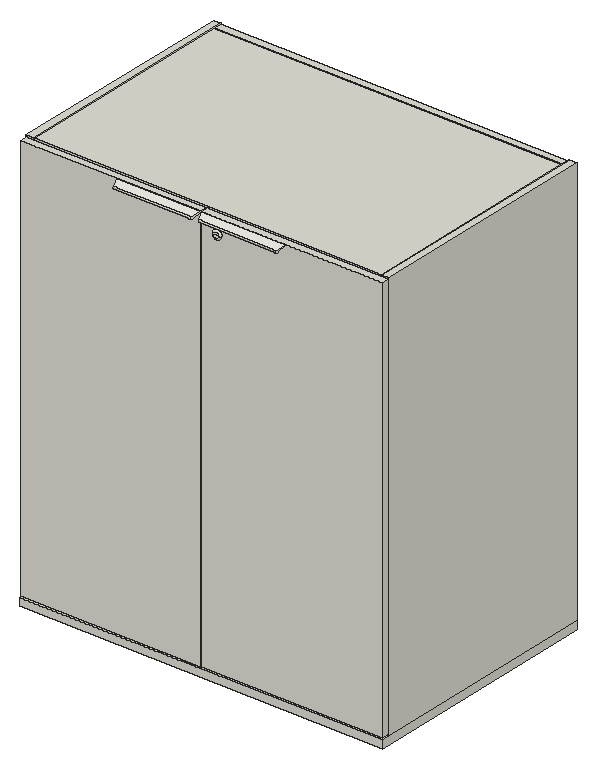
Revit family "Haworth_BeHold_Modular_AttachedStorage", category Furniture Systems, Revit 2018
Family settings
  Round Connector Dimension = Use Diameter
  Part Type = Normal
  OmniClass Number = 23.40.70.14.64.21
  OmniClass Title = Systems Furniture
  Work Plane-Based = No
  Always vertical = Yes
  Cut with Voids When Loaded = No
  Shared = No
  Room Calculation Point = No
Parameters (values of type "3H - Double Doors - Inset Back - 24d 36w")
  With Lock = yes
  With Leg = no
  Wing Pull Length = if(and(Double Doors, Actual Width < 36"), 6 1/2", 8 5/16")  # 8 5/16"
  Wing Pull = yes
  Width = 36"
  Warranty = "http://www.haworth.com/resources/product-info/warranties"
  URL - Product = "https://www.haworth.com/na/en/products/active-storage/be-hold.html"
  URL = "www.haworth.com"
  Two High = no
  Triple Unit Leg = no
  Trim Finish [instance] = Haworth _ Paint _ Smooth Plaster
  Top Thickness = 3/4"  # constant formula
  Top Case Front Control = if(Open, 2 1/4", 0")  # 0"
  Top Case Back Control = if(Proud Style, 0", 3/16")  # 3/16"
  Three High = not(or(One and One Half High, Two High))  # yes
  Sustainability Info = "https://www.haworth.com/company-info/sustainability"
  Standard Widths = if(Open, "18, 24, 30, 36 in.", if(Single Door, "18 in.", "24, 30, 36 in."))  # "24, 30, 36 in."
  Size = "Verify Final Dim. w/ Haworth"  # constant formula
  Single Unit Leg = not(or(Double Unit Leg, Triple Unit Leg))  # yes
  Single Door = no
  Side Case Front Control = if(Open, 0", Case Thickness)  # 3/4"
  Side Case Back Control = if(Proud Style, Case Thickness, 0")  # 0"
  Shelf 2 Offset = if(Three High, 25 13/16", Shelf 1 Offset)  # 25 13/16"
  Shelf 1 Offset = 12 149/256"  # constant formula
  Shelf 2 Control = Three High  # yes
  Right Door Control = not(Open)  # yes
  Revision Number = "1"  # constant formula
  Pull Finish [instance] = Haworth _ Paint _ Smooth Plaster
  Proud Style = not(Inset Style)  # no
  Open = no
  One and One Half High = no
  Normal Storage Height = if(One and One Half High, 22", if(Two High, 28", 42"))  # 42"
  No Pull = not(or(Cresent Pull, Linear Pull, Classic Pull, Wing Pull))  # no
  Model = "Haworth Be_Hold"  # constant formula
  Min. Width = if(Double Doors, 24", 18")  # 24"
  Min. Height = 22"  # constant formula
  Min. Depth = 16"  # constant formula
  Max. Width = if(Single Door, 18", 36")  # 36"
  Max. Depth = 24"  # constant formula
  Max. Height = 42"  # constant formula
  Manufacturer = "Haworth"  # constant formula
  Linear Pull Length = 7 33/256"  # constant formula
  Linear Pull = no
  Leg Height = 6"  # constant formula
  Leg Finish [instance] = Haworth _ Paint _ Sky Blue
  Inset Style = yes
  Glide Finish = Haworth _ Polymer _ Slate
  Glide Control = not(or(Actual Single Leg Control, [Actual D/T Leg Control]))  # yes
  Front Finish [instance] = Haworth _ Laminate _ Beige H-34
  Front Edge Finish [instance] = Haworth _ Laminate _ Beige H-34
  Left Door Control = Double Doors  # yes
  Double Unit Leg = no
  Door Width = if(Single Door, Actual Width - (1/16" * 2), (Actual Width - (1/16" * 2) - 1/8") / 2)  # 17 7/8"
  Door Height = Actual Height - Bottom Case Offset - Case Thickness - 21/128" - 1/8"  # 40 59/128"
  Double Doors = not(or(Open, Single Door))  # yes
  Description = "Haworth - Be_Hold - Attached Storage"  # constant formula
  Depth = 24"
  Custom Size = not(and(or(and(Single Door, Width = 18"), and(Double Doors, or(Width = 24", Width = 30", Width = 36")), and(Open, or(Width = 18", Width = 24", Width = 30", Width = 36"))), or(Depth = 24", Depth = 36")))  # no
  Cresent Pull = no
  Classic Pull Length = 8"  # constant formula
  Classic Pull = no
  Case Thickness = 3/4"  # constant formula
  Case Finish [instance] = Haworth _ Laminate _ Beige H-34
  Case Edge Finish [instance] = Haworth _ Laminate _ Beige H-34
  Bottom Case Offset = if(or(Actual Single Leg Control, [Actual D/T Leg Control]), 6", 1/2")  # 1/2"
  Back Case Side Control = if(Proud Style, 0", Case Thickness)  # 3/4"
  Back Case Back Control = if(Proud Style, 0", 3/16")  # 3/16"
  Author = "Haworth (Alias)"  # constant formula
  Assembly Code = "E2020200"
  Actual Width = if(Width > Max. Width, Max. Width, if(Width < Min. Width, Min. Width, Width))  # 36"
  Actual Single Leg Control = and(With Leg, Single Unit Leg, or(One and One Half High, Two High))  # no
  Actual Height = if(or(Actual Single Leg Control, [Actual D/T Leg Control]), Normal Storage Height + Leg Height, Normal Storage Height)  # 42"
  Actual Depth = if(Depth > Max. Depth, Max. Depth, if(Depth < Min. Depth, Min. Depth, Depth))  # 24"
  Standard Depths = "16, 24 in."  # constant formula
  Actual D/T Leg Control = and(With Leg, or(Double Unit Leg, Triple Unit Leg), or(One and One Half High, Two High))  # no
  16d Leg = Actual Depth = 16"  # no
Types (8): name | With Leg | Width | Two High | Top Case Front Control | Top Case Back Control | Three High | Standard Widths | Single Door | Side Case Front Control | Side Case Back Control | Shelf 2 Offset | Shelf 2 Control | Right Door Control | Proud Style | Open | One and One Half High | Normal Storage Height | Min. Width | Max. Width | Inset Style | Glide Control | Left Door Control | Door Height | Double Doors | Bottom Case Offset | Back Case Side Control | Back Case Back Control | Actual Width | Actual Single Leg Control | Actual Height
  2H - Double Doors - Proud Back - 24d 36w | no | 36" | yes | 0" | 0" | no | "24, 30, 36 in." | no | 3/4" | 3/4" | 12 149/256" | no | yes | yes | no | no | 28" | 24" | 36" | no | yes | yes | 26 59/128" | yes | 1/2" | 0" | 0" | 36" | no | 28"
  3H - Double Doors - Inset Back - 24d 36w | no | 36" | no | 0" | 3/16" | yes | "24, 30, 36 in." | no | 3/4" | 0" | 25 13/16" | yes | yes | no | no | no | 42" | 24" | 36" | yes | yes | yes | 40 59/128" | yes | 1/2" | 3/4" | 3/16" | 36" | no | 42"
  2H - Single Door - Proud Back - 24d 18w | no | 18" | yes | 0" | 0" | no | "18 in." | yes | 3/4" | 3/4" | 12 149/256" | no | yes | yes | no | no | 28" | 18" | 18" | no | yes | no | 26 59/128" | no | 1/2" | 0" | 0" | 18" | no | 28"
  3H - Single Door - Inset Back - 24d 18w | no | 18" | no | 0" | 3/16" | yes | "18 in." | yes | 3/4" | 0" | 25 13/16" | yes | yes | no | no | no | 42" | 18" | 18" | yes | yes | no | 40 59/128" | no | 1/2" | 3/4" | 3/16" | 18" | no | 42"
  2H - Open - Proud Back - 24d 36w | no | 36" | yes | 2 1/4" | 0" | no | "18, 24, 30, 36 in." | no | 0" | 3/4" | 12 149/256" | no | no | yes | yes | no | 28" | 18" | 36" | no | yes | no | 26 59/128" | no | 1/2" | 0" | 0" | 36" | no | 28"
  1.5H - Open - Inset Back - 24d 36w | no | 36" | no | 2 1/4" | 3/16" | no | "18, 24, 30, 36 in." | no | 0" | 0" | 12 149/256" | no | no | no | yes | yes | 22" | 18" | 36" | yes | yes | no | 20 59/128" | no | 1/2" | 3/4" | 3/16" | 36" | no | 22"
  1.5H - Open - Inset Back - 24d 36w - With Leg | yes | 36" | no | 2 1/4" | 3/16" | no | "18, 24, 30, 36 in." | no | 0" | 0" | 12 149/256" | no | no | no | yes | yes | 22" | 18" | 36" | yes | no | no | 20 123/128" | no | 6" | 3/4" | 3/16" | 36" | yes | 28"
  2H - Double Doors - Proud Back - 24d 36w - With Leg | yes | 36" | yes | 0" | 0" | no | "24, 30, 36 in." | no | 3/4" | 3/4" | 12 149/256" | no | yes | yes | no | no | 28" | 24" | 36" | no | no | yes | 26 123/128" | yes | 6" | 0" | 0" | 36" | yes | 34"
Reference planes (in)
  plane 1: z = 0
  plane 2 "Center L/R": x = -6.17556
  plane 3 "Center F/B": y = -11.5
  plane 4 "Top": z = 42
  plane 5 "Back": y = 0.5
  plane 6 "Front": y = -23.5
  plane 7 "Right": x = 11.82444
  plane 8 "Left": x = -24.17556
  plane 9 "Case Inside Left": x = -23.42556
  plane 10 "Case Inside Right": x = 11.07444
  plane 11 "Case Inside Back": y = -0.25
  plane 12 "Case Bottom": z = 0.5
  plane 13 "Case Inside Front": y = -22.75
  plane 14 "Inside Case Bottom": z = 1.25
  plane 15 "Inside Case Top": z = 41.25
  plane 16 "Shelf 1 Below": z = 13.83203
  plane 17 "Shelf 1 Top": z = 14.58203
  plane 18 "Door Start": z = 1.41406
  plane 19 "Right Door": x = 11.76194
  plane 20 "Left Door": x = -24.11306
  plane 21 "Shelf 2 Below": z = 27.0625
  plane 22 "Shelf 2 Top": z = 27.8125
Forms (in)
  Sweep 1, solid, material "Haworth _ Polymer _ Slate" <- "Glide Finish", visible <- "Glide Control"
    path origin (-23.42556, 0, 0) x (0, 1, 0) y (0, 0, 1)
      loop
        line (-22.75, 0.5) -> (-22.75, 0)
    profile origin (-23.42556, -22.75, 0.25) x (1, 0, 0) y (0, 1, 0)
      loop
        line (0, 2.00197) -> (0, 0.25)
        arc (0, 0.25) -> (0.07322, 0.07322) -> (0.25, 0) r 0.25
        line (0.25, 0) -> (2.00197, 0)
        arc (2.00197, 0) -> (2.17875, 0.07322) -> (2.25197, 0.25) r 0.25
        line (2.25197, 0.25) -> (2.25197, 0.70079) -> (0.70079, 2.25197) -> (0.25, 2.25197)
        arc (0.25, 2.25197) -> (0.07322, 2.17875) -> (0, 2.00197) r 0.25
  Sweep 2, solid, material "Haworth _ Polymer _ Slate" <- "Glide Finish", visible <- "Glide Control"
    path origin (-23.42556, -23, 0) x (0, -1, 0) y (0, 0, 1)
      loop
        line (-22.75, 0.5) -> (-22.75, 0)
    profile origin (-23.42556, -0.25, 0.25) x (1, 0, 0) y (0, 1, 0)
      loop
        arc (0, -2.00197) -> (0.07322, -2.17875) -> (0.25, -2.25197) r 0.25
        line (0.25, -2.25197) -> (0.70079, -2.25197) -> (2.25197, -0.70079) -> (2.25197, -0.25)
        arc (2.25197, -0.25) -> (2.17875, -0.07322) -> (2.00197, 0) r 0.25
        line (2.00197, 0) -> (0.25, 0)
        arc (0.25, 0) -> (0.07322, -0.07322) -> (0, -0.25) r 0.25
        line (0, -0.25) -> (0, -2.00197)
  Sweep 3, solid, material "Haworth _ Polymer _ Slate" <- "Glide Finish", visible <- "Glide Control"
    path origin (11.07444, 0, 0) x (0, -1, 0) y (0, 0, 1)
      loop
        line (22.75, 0.5) -> (22.75, 0)
    profile origin (11.07444, -22.75, 0.25) x (-1, 0, 0) y (0, -1, 0)
      loop
        arc (0, -2.00197) -> (0.07322, -2.17875) -> (0.25, -2.25197) r 0.25
        line (0.25, -2.25197) -> (0.70079, -2.25197) -> (2.25197, -0.70079) -> (2.25197, -0.25)
        arc (2.25197, -0.25) -> (2.17875, -0.07322) -> (2.00197, 0) r 0.25
        line (2.00197, 0) -> (0.25, 0)
        arc (0.25, 0) -> (0.07322, -0.07322) -> (0, -0.25) r 0.25
        line (0, -0.25) -> (0, -2.00197)
  Sweep 4, solid, material "Haworth _ Polymer _ Slate" <- "Glide Finish", visible <- "Glide Control"
    path origin (11.07444, 0, 0) x (0, -1, 0) y (0, 0, 1)
      loop
        line (0.25, 0.5) -> (0.25, 0)
    profile origin (11.07444, -0.25, 0.25) x (-1, 0, 0) y (0, -1, 0)
      loop
        line (0, 2.00197) -> (0, 0.25)
        arc (0, 0.25) -> (0.07322, 0.07322) -> (0.25, 0) r 0.25
        line (0.25, 0) -> (2.00197, 0)
        arc (2.00197, 0) -> (2.17875, 0.07322) -> (2.25197, 0.25) r 0.25
        line (2.25197, 0.25) -> (2.25197, 0.70079) -> (0.70079, 2.25197) -> (0.25, 2.25197)
        arc (0.25, 2.25197) -> (0.07322, 2.17875) -> (0, 2.00197) r 0.25
  Extrusion 5, solid, material "Haworth _ Laminate _ Beige H-34" <- "Case Finish"
    sketch origin (0, 0, 0) x (1, 0, 0) y (0, 1, 0)
      loop
        line (-24.17556, 0.5) -> (-24.17556, -23.5) -> (11.82444, -23.5) -> (11.82444, 0.5) -> (-24.17556, 0.5)
    from 0.5 to 1.25
  Sweep 6, solid, material "Haworth _ Laminate _ Beige H-34" <- "Case Finish"
    path origin (0, 0, 0.5) x (0, -1, 0) y (1, 0, 0)
      loop
        line (23.5, -24.17556) -> (23.5, -23.42556)
    profile origin (-23.80056, -23.5, 0.5) x (0, 1, 0) y (0, 0, 1)
      loop
        line (0.75, 41.5) -> (0.75, 0.75) -> (24, 0.75) -> (24, 41.5) -> (0.75, 41.5)
  Sweep 7, solid, material "Haworth _ Laminate _ Beige H-34" <- "Case Finish"
    path origin (-12.35111, 0, 0.5) x (0, -1, 0) y (-1, 0, 0)
      loop
        line (23.5, -24.17556) -> (23.5, -23.42556)
    profile origin (11.44944, -23.5, 0.5) x (0, -1, 0) y (0, 0, 1)
      loop
        line (-0.75, 41.5) -> (-24, 41.5) -> (-24, 0.75) -> (-0.75, 0.75) -> (-0.75, 41.5)
  Sweep 8, solid, material "Haworth _ Laminate _ Beige H-34" <- "Case Finish"
    path origin (0, 0, 0.5) x (0, -1, 0) y (1, 0, 0)
      loop
        line (0.4375, -6.17556) -> (-0.3125, -6.17556)
    profile origin (-6.17556, -0.0625, 0.5) x (-1, 0, 0) y (0, 0, 1)
      loop
        line (-17.25, 0.75) -> (17.25, 0.75) -> (17.25, 41.5) -> (-17.25, 41.5) -> (-17.25, 0.75)
  Extrusion 9, solid, material "Haworth _ Laminate _ Beige H-34" <- "Case Finish"
    sketch origin (0, 0, 0.5) x (0, -1, 0) y (1, 0, 0)
      loop
        line (0.25, -23.42556) -> (22.75, -23.42556) -> (22.75, 11.07444) -> (0.25, 11.07444) -> (0.25, -23.42556)
    from 13.33203 to 14.08203
  Extrusion 10, solid, material "Haworth _ Laminate _ Beige H-34" <- "Case Finish"
    sketch origin (0, 0, 0.5) x (0, -1, 0) y (1, 0, 0)
      loop
        line (0.4375, -23.42556) -> (22.75, -23.42556) -> (22.75, 11.07444) -> (0.4375, 11.07444) -> (0.4375, -23.42556)
    from 40.75 to 41.5
  Extrusion 11, solid, material "Haworth _ Laminate _ Beige H-34" <- "Case Finish", visible <- "Shelf 2 Control"
    sketch origin (0, 0, 0.5) x (0, -1, 0) y (1, 0, 0)
      loop
        line (0.25, -23.42556) -> (22.75, -23.42556) -> (22.75, 11.07444) -> (0.25, 11.07444) -> (0.25, -23.42556)
    from 26.5625 to 27.3125
Lines and regions (in)
  Masking region 1
    outline origin (0, 0, 41.25) x (0, -1, 0) y (1, 0, 0)
      loop
        line (-0.5, -24.17556) -> (23.5, -24.17556) -> (23.5, 11.82444) -> (-0.5, 11.82444) -> (-0.5, -24.17556)
  symbolic lines, style "Haworth", detail levels medium+fine
    curve 1: line (-24.17556, -22.75, 41.25) -> (11.82444, -22.75, 41.25)
Dimensions and locks (in)
  equal spacing: plane 8 "Left", plane 2 "Center L/R", plane 7 "Right"
  "Actual Width": plane 8 "Left" to plane 7 "Right"
  equal spacing: plane 5 "Back", plane 3 "Center F/B", plane 6 "Front"
  "Actual Depth": plane 5 "Back" to plane 6 "Front"
  "Case Thickness": plane 9 "Case Inside Left" to plane 8 "Left"
  "Case Thickness": plane 10 "Case Inside Right" to plane 7 "Right"
  "Bottom Case Offset": plane 12 "Case Bottom" to plane 1
  "Case Thickness": plane 11 "Case Inside Back" to plane 5 "Back"
  "Case Thickness": plane 6 "Front" to plane 13 "Case Inside Front"
  locked: Sweep 1 sketch curve to plane 12 "Case Bottom" at 0.5
  locked: Sweep 2 sketch curve to plane 12 "Case Bottom" at 0.5
  locked: Sweep 4 sketch curve to plane 12 "Case Bottom" at 0.5
  locked: Sweep 3 sketch curve to plane 12 "Case Bottom" at 0.5
  "Case Thickness": plane 14 "Inside Case Bottom" to plane 12 "Case Bottom"
  "Top Thickness": plane 4 "Top" to plane 15 "Inside Case Top"
  "Side Case Back Control": Sweep 6 sketch curve to plane 5 "Back"
  "Side Case Front Control": plane 6 "Front" to Sweep 6 sketch curve
  "Side Case Front Control": plane 6 "Front" to Sweep 7 sketch curve
  "Side Case Back Control": Sweep 7 sketch curve to plane 5 "Back"
  "Back Case Side Control": Sweep 8 sketch curve to plane 7 "Right"
  "Back Case Side Control": Sweep 8 sketch curve to plane 8 "Left"
  locked: plane 18 "Door Start" to plane 14 "Inside Case Bottom" at 0.16406
  "Top Case Front Control": Extrusion 10 sketch curve to plane 13 "Case Inside Front"
  "Top Case Front Control": plane 13 "Case Inside Front" to curve 1
  locked: plane 19 "Right Door" to plane 7 "Right" at 0.0625
  locked: plane 20 "Left Door" to plane 8 "Left" at 0.0625
  "Actual Height": plane 4 "Top" to plane 1
  "Case Thickness": plane 22 "Shelf 2 Top" to plane 21 "Shelf 2 Below"
  "Case Thickness": plane 17 "Shelf 1 Top" to plane 16 "Shelf 1 Below"
  "Shelf 1 Offset": plane 14 "Inside Case Bottom" to plane 16 "Shelf 1 Below"
  "Shelf 2 Offset": plane 21 "Shelf 2 Below" to plane 14 "Inside Case Bottom"
  "Case Thickness": Sweep 8 sketch curve to Sweep 8 sketch curve
  "Back Case Back Control": plane 5 "Back" to Sweep 8 sketch curve
  "Top Case Back Control": Extrusion 10 sketch curve to plane 11 "Case Inside Back"
  aligned and locked: Sweep 1 sketch curve to plane 13 "Case Inside Front"
  aligned and locked: plane 12 "Case Bottom" to Sweep 1 sketch curve
  aligned and locked: plane 11 "Case Inside Back" to Sweep 2 sketch curve
  aligned and locked: plane 12 "Case Bottom" to Sweep 2 sketch curve
  aligned and locked: plane 11 "Case Inside Back" to Sweep 4 sketch curve
  aligned and locked: plane 12 "Case Bottom" to Sweep 4 sketch curve
  aligned and locked: Sweep 3 sketch curve to plane 13 "Case Inside Front"
  aligned and locked: plane 12 "Case Bottom" to Sweep 3 sketch curve
  aligned and locked: Extrusion 5 sketch curve to plane 7 "Right"
  aligned and locked: Extrusion 5 sketch curve to plane 5 "Back"
  aligned and locked: plane 8 "Left" to Extrusion 5 sketch curve
  aligned and locked: plane 6 "Front" to Extrusion 5 sketch curve
  aligned and locked: plane 12 "Case Bottom" to Extrusion 5
  aligned and locked: plane 14 "Inside Case Bottom" to Extrusion 5
  aligned and locked: plane 8 "Left" to Sweep 6 sketch curve
  aligned and locked: plane 9 "Case Inside Left" to Sweep 6 sketch curve
  aligned and locked: Sweep 6 sketch curve to plane 6 "Front"
  aligned and locked: Sweep 6 sketch curve to plane 4 "Top"
  aligned and locked: plane 14 "Inside Case Bottom" to Sweep 6 sketch curve
  aligned and locked: plane 6 "Front" to Sweep 7 sketch curve
  aligned and locked: plane 7 "Right" to Sweep 7 sketch curve
  aligned and locked: plane 10 "Case Inside Right" to Sweep 7 sketch curve
  aligned and locked: plane 14 "Inside Case Bottom" to Sweep 7 sketch curve
  aligned and locked: Sweep 7 sketch curve to plane 4 "Top"
  aligned and locked: plane 2 "Center L/R" to Sweep 8 sketch curve
  aligned and locked: plane 4 "Top" to Sweep 8 sketch curve
  aligned and locked: Sweep 8 sketch curve to plane 14 "Inside Case Bottom"
  aligned and locked: plane 10 "Case Inside Right" to Extrusion 9 sketch curve
  aligned and locked: plane 9 "Case Inside Left" to Extrusion 9 sketch curve
  aligned and locked: plane 11 "Case Inside Back" to Extrusion 9 sketch curve
  aligned and locked: plane 16 "Shelf 1 Below" to Extrusion 9
  aligned and locked: plane 10 "Case Inside Right" to Extrusion 10 sketch curve
  aligned and locked: plane 9 "Case Inside Left" to Extrusion 10 sketch curve
  aligned and locked: plane 4 "Top" to Extrusion 10
  aligned and locked: plane 15 "Inside Case Top" to Extrusion 10
  aligned and locked: Masking region 1 sketch curve to plane 7 "Right"
  aligned and locked: Masking region 1 sketch curve to plane 5 "Back"
  aligned and locked: plane 8 "Left" to Masking region 1 sketch curve
  aligned and locked: plane 6 "Front" to Masking region 1 sketch curve
  aligned and locked: plane 17 "Shelf 1 Top" to Extrusion 9
  aligned and locked: plane 6 "Front" to nested 1
  aligned and locked: nested 2 to plane 6 "Front"
  aligned and locked: plane 18 "Door Start" to nested 1
  aligned and locked: nested 2 to plane 18 "Door Start"
  aligned and locked: plane 13 "Case Inside Front" to Extrusion 9 sketch curve
  aligned and locked: nested 1 to plane 19 "Right Door"
  aligned and locked: nested 2 to plane 20 "Left Door"
  aligned and locked: plane 11 "Case Inside Back" to Extrusion 11 sketch curve
  aligned and locked: plane 9 "Case Inside Left" to Extrusion 11 sketch curve
  aligned and locked: plane 10 "Case Inside Right" to Extrusion 11 sketch curve
  aligned and locked: plane 13 "Case Inside Front" to Extrusion 11 sketch curve
  aligned and locked: plane 22 "Shelf 2 Top" to Extrusion 11
  aligned and locked: Extrusion 11 to plane 21 "Shelf 2 Below"
  aligned and locked: nested 3 to plane 12 "Case Bottom"
  aligned and locked: plane 3 "Center F/B" to nested 3
  aligned and locked: plane 2 "Center L/R" to nested 3
Automatic sketch dimensions
  Sweep 1 sketch curve to plane 9 "Case Inside Left" = 0"
  profile plane to Sweep 1 sketch curve = 0"
  Sweep 1 sketch curve to Sweep 1 sketch curve = 1/4"  (x2)
  Sweep 1 sketch curve to Sweep 1 sketch curve = 0.45079"  (x2)
  Sweep 1 sketch curve to profile plane = 1/4"
  Sweep 1 sketch curve to Sweep 1 sketch curve = 1.75197"  (x2)
  Sweep 2 sketch curve to plane 9 "Case Inside Left" = 0"
  profile plane to Sweep 2 sketch curve = 0"
  Sweep 2 sketch curve to Sweep 2 sketch curve = 1/4"  (x2)
  Sweep 2 sketch curve to Sweep 2 sketch curve = 0.45079"  (x2)
  profile plane to Sweep 2 sketch curve = 1/4"
  Sweep 2 sketch curve to Sweep 2 sketch curve = 1.75197"  (x2)
  Sweep 3 sketch curve to plane 10 "Case Inside Right" = 0"
  Sweep 3 sketch curve to profile plane = 0"
  Sweep 3 sketch curve to Sweep 3 sketch curve = 1/4"  (x2)
  Sweep 3 sketch curve to Sweep 3 sketch curve = 0.45079"  (x2)
  profile plane to Sweep 3 sketch curve = 1/4"
  Sweep 3 sketch curve to Sweep 3 sketch curve = 1.75197"  (x2)
  Sweep 4 sketch curve to plane 10 "Case Inside Right" = 0"
  Sweep 4 sketch curve to profile plane = 0"
  plane 10 "Case Inside Right" to Sweep 4 sketch curve = 1/4"  (x2)
  Sweep 4 sketch curve to Sweep 4 sketch curve = 0.45079"  (x2)
  Sweep 4 sketch curve to profile plane = 1/4"
  Sweep 4 sketch curve to Sweep 4 sketch curve = 1.75197"  (x2)
  curve 1 to plane 8 "Left" = 0"
  curve 1 to plane 7 "Right" = 0"
Nested families (in)
  nested 1: "Haworth_BeHold_Door_Swing_PART" at (1.64424, -23.09476, 1.41406), With Lock <- "With Lock", visible <- "Right Door Control", type "Door"
    with With Lock yes, Wing Pull Length 8 5/16", Wing Pull Act yes, Wing Pull yes, Linear Pull Length 7 33/256", Linear Pull Act no, Linear Pull no, Pull Offset Centerline 4 5/32", Pull Height Centerline 40 59/128", Door Width 17 7/8", Door Height 40 59/128"
  nested 2: "Haworth_BeHold_Door_Swing_PART" at (-13.99535, -23.09476, 1.41406) x (-1, 0, 0) z (0, 0, 1), visible <- "Left Door Control", type "Door"
    with With Lock no, Wing Pull Length 8 5/16", Wing Pull Act yes, Wing Pull yes, Linear Pull Length 7 33/256", Linear Pull Act no, Linear Pull no, Pull Offset Centerline 4 5/32", Pull Height Centerline 40 59/128", Door Width 17 7/8", Door Height 40 59/128"
  nested 3: "Haworth_BeHold_Leg_Single_PART" at (0, 0, -5.5), Trim Finish <- "Leg Finish", visible <- "Actual Single Leg Control", type "Leg"
    with Trim Finish Haworth _ Paint _ Sky Blue, Width 36", Actual Width 30"
Definition of nested family "Haworth_BeHold_Door_Swing_PART"
  Parameters (values of type "Door")
    With Lock [instance] = yes
    Wing Pull Length = 8.31"
    Wing Pull Act = and(Wing Pull, not(Touch Latch))  # no
    Wing Pull = no
    Warranty = "https://www.haworth.com/resources/product-info/warranties"
    URL - Product = ""
    URL = "www.haworth.com"
    Trim Finish = none
    Touch Latch = no
    Revision Number = "1"  # constant formula
    Pull Finish = none
    Note = "Verify Final Dim. w/ Haworth"  # constant formula
    Model = "Haworth Be_Hold"  # constant formula
    Lock Top Offset = 1.495"  # constant formula
    Lock Side Offset = 2.195"  # constant formula
    Linear Pull Length = 7.13"
    Linear Pull Act = and(Linear Pull, not(Touch Latch))  # yes
    Linear Pull = yes
    Front Finish = none
    Front Edge Finish = none
    Description = "Haworth - Be_Hold - Door Part"
    Crescent Pull Act = and(Crescent Pull, not(Touch Latch))  # no
    Crescent Pull = no
    Classic Pull Length = 8"
    Classic Pull = no
    Classic Pull Act = and(Classic Pull, not(Touch Latch))  # no
    Assembly Code = ""
    Pull Offset Centerline = if(Wing Pull Act, Wing Pull Length / 2, 1 1/2")  # 1 1/2"
    Pull Height Centerline = if(Wing Pull Act, Door Height, Door Height / 2)  # 9.88"
    Door Width = 17.85"
    Door Height = 19.76"
    Door Depth = 3/4"
    Manufacturer = "Haworth"  # constant formula
    Author = "Haworth (Alias)"  # constant formula
  Reference planes (in)
    plane 1 "Center F/B": y = -0.03024
    plane 2: z = 0
    plane 3 "Center L/R": x = 1.1802
    plane 4 "Left": x = -7.7448
    plane 5 "Right": x = 10.1052
    plane 6 "Back": y = 0.34476
    plane 7 "Front": y = -0.40524
    plane 8 "Top": z = 19.76
    plane 9 "Pull Offset": x = -6.2448
    plane 10 "Pull Height": z = 9.88
    plane 11 "Lock Vertical": x = -6.2498
    plane 12 "Lock Horizontal": z = 18.265
    plane 13: y = -3.40524
  Forms (in)
    Extrusion 1, solid, material <- "Front Finish"
      sketch origin (0, -0.03024, 0) x (1, 0, 0) y (0, 0, 1)
        loop
          line (-7.7448, 19.76) -> (-7.7448, 0) -> (10.1052, 0) -> (10.1052, 19.76) -> (-7.7448, 19.76)
      from -0.375 to 0.375
    Revolve 2, solid, material <- "Trim Finish", visible <- "With Lock"
      sketch origin (0, 0, 18.265) x (0, -1, 0) y (1, 0, 0)
        loop
          line (0.40524, -6.2498) -> (0.53025, -6.2498) -> (0.53025, -5.93733)
          arc (0.53025, -5.93733) -> (0.49364, -5.84891) -> (0.40524, -5.81227) r 0.12506
          line (0.40524, -5.81227) -> (0.40524, -6.2498)
        axis (0.40524, -6.2498) -> (0.53025, -6.2498)
      angle from 0 to 360
  Lines and regions (in)
    Masking region 1
      outline origin (0, 0, 0) x (1, 0, 0) y (0, 1, 0)
        loop
          line (-7.7448, 0.34476) -> (-7.7448, -0.40524) -> (10.1052, -0.40524) -> (10.1052, 0.34476) -> (-7.7448, 0.34476)
    symbolic lines, detail levels fine
      curve 1: line (-7.7448, -0.40524, 19.76) -> (10.1052, -0.40524, 9.88)
      curve 2: line (10.1052, -0.40524, 9.88) -> (-7.7448, -0.40524, 0)
    symbolic lines, not visible, detail levels fine
      curve 3: arc (-7.7448, -0.40524, 18.265) -> (-7.68121, -1.9106, 18.265) -> (-7.49089, -3.40524, 18.265) r 17.85
    symbolic lines, detail levels medium+fine
      curve 4: line (-7.49089, -3.40524, 18.265) -> (10.1052, -0.40524, 18.265)
  Dimensions and locks (in)
    "Door Height": plane 8 "Top" to level
    equal spacing: plane 6 "Back", plane 1 "Center F/B", plane 7 "Front"
    "Door Depth": plane 6 "Back" to plane 7 "Front"
    equal spacing: plane 4 "Left", plane 3 "Center L/R", plane 5 "Right"
    "Door Width": plane 4 "Left" to plane 5 "Right"
    "Pull Offset Centerline": plane 9 "Pull Offset" to plane 4 "Left"
    "Pull Height Centerline": plane 10 "Pull Height" to level
    equal spacing: plane 8 "Top", curve 2, plane 2
    "Lock Top Offset": plane 4 "Left" to plane 11 "Lock Vertical"
    locked: Revolve 2 sketch curve to plane 7 "Front" at 0.12502
    locked: plane 11 "Lock Vertical" to Revolve 2 sketch curve at 0.43753
    "Lock Top Offset": plane 8 "Top" to plane 12 "Lock Horizontal"
    locked: plane 13 to plane 7 "Front" at 3
    "Door Width": radius of curve 3
    aligned and locked: plane 4 "Left" to Extrusion 1 sketch curve
    aligned and locked: Extrusion 1 sketch curve to plane 5 "Right"
    aligned and locked: Extrusion 1 sketch curve to plane 8 "Top"
    aligned and locked: level to Extrusion 1 sketch curve
    aligned and locked: plane 6 "Back" to Extrusion 1
    aligned and locked: Extrusion 1 to plane 7 "Front"
    aligned and locked: Extrusion 1 to plane 4 "Left"
    aligned and locked: plane 9 "Pull Offset" to nested 1
    aligned and locked: plane 10 "Pull Height" to nested 1
    aligned and locked: nested 1 to plane 7 "Front"
    aligned and locked: plane 11 "Lock Vertical" to Revolve 2 sketch curve  (x2)
    aligned and locked: plane 7 "Front" to Revolve 2 sketch curve
    aligned and locked: plane 5 "Right" to curve 3
    aligned and locked: plane 7 "Front" to curve 3
    aligned and locked: plane 5 "Right" to curve 4
    aligned and locked: plane 13 to curve 4
  Automatic sketch dimensions
    Masking region 1 sketch curve to plane 5 "Right" = 0"
    curve 1 to plane 5 "Right" = 0"
    curve 1 to plane 4 "Left" = 0"
    curve 2 to level = 0"
    curve 2 to plane 4 "Left" = 0"
    curve 1 to plane 8 "Top" = 0"
    Masking region 1 sketch curve to plane 4 "Left" = 0"
    Masking region 1 sketch curve to plane 7 "Front" = 0"
    Masking region 1 sketch curve to plane 6 "Back" = 0"
    plane 7 "Front" to Revolve 2 sketch curve = 0.00004"
    plane 6 "Back" to Revolve 2 sketch curve = 3/4"
    Revolve 2 sketch curve to Revolve 2 sketch curve = 1 5/8"
    curve 4 to plane 7 "Front" = 0"
  Nested families (in)
    nested 1: "Haworth_Door-Pulls_PART" at (-4.96165, -0.375, 9.88), type "Pull"
      with Linear yes, Classic no
  Definition of nested family "Haworth_Door-Pulls_PART"
    Parameters (values of type "Pull")
      Working Distance = 0"  # constant formula
      Wing Pull Length = 8.31"
      Wing = no
      Warranty = "https://www.haworth.com/resources/product-info/warranties"
      URL - Product = ""
      URL = "www.haworth.com"
      Trim Finish = none
      Revision Number = "1"  # constant formula
      Model = "Haworth Be_Hold"  # constant formula
      Manufacturer = "Haworth"  # constant formula
      Linear Pull Length = 7.13"
      Linear = no
      Description = "Haworth - Be_Hold - Door Pulls"
      Cresent = no
      Classic Pull Length = 8"
      Classic = yes
      Author = "Haworth (Alias)"  # constant formula
      Assembly Code = ""
    Reference planes (in)
      plane 1 "Center F/B": y = -0.03024
      plane 2 "Center": z = 0
      plane 3 "Center L/R": x = -1.28314
      plane 4 "Right": x = -0.78314
      plane 5 "Left": x = -1.78314
      plane 6 "cresent": x = -1.28314
      plane 7 "classic": x = -1.28314
      plane 8 "linear": x = -1.28314
      plane 9 "Top linear": z = 3.565
      plane 10 "Bottom linear": z = -3.565
      plane 11 "Left wing": x = -5.43814
      plane 12 "Right wing": x = 2.87186
      plane 13 "Top classic": z = 4
      plane 14 "Bottom classic": z = -4
    Forms (in)
      Extrusion 1, solid, material <- "Trim Finish", visible <- "Linear"
        sketch origin (-1.28314, 0, 0) x (0, 0, 1) y (0, -1, 0)
          loop
            line (3.565, 0.03024) -> (3.565, 1.28024) -> (-3.565, 1.28024) -> (-3.565, 0.03024) -> (-2.565, 0.03024) -> (-2.565, 1.03023) -> (2.565, 1.03023) -> (2.565, 0.03024) -> (3.565, 0.03024)
        from 0.125 to -0.125
      Extrusion 2, solid, material <- "Trim Finish", visible <- "Classic"
        sketch origin (-6.90814, -0.03024, 11.41861) x (0, 0, -1) y (1, 0, 0)
          loop
            line (7.41861, 6) -> (7.41861, 5.25)
            arc (7.41861, 5.25) -> (7.79361, 5.625) -> (7.41861, 6) r 0.375
        from 0 to 1
      Extrusion 3, solid, material <- "Trim Finish", visible <- "Classic"
        sketch origin (-6.90814, -0.03024, -4.625) x (0, 0, 1) y (-1, 0, 0)
          loop
            arc (0.625, -6) -> (1, -5.625) -> (0.625, -5.25) r 0.375
            line (0.625, -5.25) -> (0.625, -6)
        from 0 to 1
      Extrusion 4, solid, material <- "Trim Finish", visible <- "Classic"
        sketch origin (-6.90814, -0.03024, 11.41861) x (0, 0, -1) y (1, 0, 0)
          loop
            line (7.41861, 6) -> (7.41861, 5.25) -> (15.41861, 5.25) -> (15.41861, 6) -> (7.41861, 6)
        from 1 to 1.25
      Sweep 5, solid, material <- "Trim Finish", visible <- "Cresent"
        path origin (-1.28314, 0, 0) x (0, 1, 0) y (0, 0, 1)
          loop
            arc (-0.03024, 3.71234) -> (-1.24998, 0.00302) -> (-0.03024, -3.7063) r 6.25
        profile origin (-1.28314, -1.24998, 0.00302) x (1, 0, 0) y (0, 1, 0)
          loop
            circle (0, 0.125) r 0.125
      Extrusion 6, void
        sketch origin (-1.28314, 0, 0) x (0, 0, 1) y (0, -1, 0)
          loop
            line (3.79042, 0.03024) -> (-3.84035, 0.03024) -> (-3.84035, -0.32073) -> (3.79042, -0.32073) -> (3.79042, 0.03024)
        from 0.25 to -0.25
      Sweep 7, solid, material <- "Trim Finish", visible <- "Wing"
        path origin (0, 0, 0) x (1, 0, 0) y (0, 1, 0)
          loop
            line (2.87186, -0.03024) -> (-5.43814, -0.03024)
        profile origin (-1.28314, -0.03024, 0) x (0, -1, 0) y (0, 0, 1)
          loop
            line (0, 0) -> (0, -0.055) -> (0.71462, -0.45433)
            arc (0.71462, -0.45433) -> (0.85479, -0.40775) -> (0.79582, -0.27233) r 0.10005
            line (0.79582, -0.27233) -> (0, 0)
      Extrusion 8, void
        sketch origin (0, 0, 0) x (1, 0, 0) y (0, 1, 0)
          loop
            line (-5.43814, -0.03024) -> (-5.43814, -1.07274) -> (-5.0587, -1.07274) -> (-5.43814, -0.03024)
          loop
            line (2.87186, -0.03024) -> (2.49242, -1.07274) -> (2.87186, -1.07274) -> (2.87186, -0.03024)
        from -3.565 to 3.565
    Cuts and joins
      Extrusion 6 cuts Extrusion 2
      Extrusion 6 cuts Extrusion 3
      Extrusion 6 cuts Extrusion 4
      joined: Extrusion 2, Extrusion 3, Extrusion 4
      Extrusion 6 cuts Extrusion 1
      Extrusion 6 cuts Sweep 5
      Extrusion 8 cuts Sweep 7
    Lines and regions (in)
      symbolic lines, detail levels fine
        curve 1: line (-1.78314, -0.03024, 0) -> (-0.78314, -0.03024, 0)
    Dimensions and locks (in)
      equal spacing: plane 4 "Right", plane 3 "Center L/R", plane 5 "Left"
      locked: plane 4 "Right" to plane 5 "Left" at 1
      cut or joined group of Extrusion 2, Extrusion 3, Extrusion 4, Extrusion 6 to plane 7 "classic" to cut or joined group of Extrusion 2, Extrusion 3, Extrusion 4, Extrusion 6 = 3/8" locked, 3/8" locked
      locked: Extrusion 6 sketch curve to plane 9 "Top linear" at 0.22542
      locked: plane 10 "Bottom linear" to Extrusion 6 sketch curve at 0.27535
      locked: Extrusion 8 sketch curve to plane 1 "Center F/B" at 1.0425
      locked: plane 1 "Center F/B" to Extrusion 8 sketch curve at 1.0425
      "Working Distance": plane 3 "Center L/R" to plane 7 "classic"
      "Working Distance": plane 3 "Center L/R" to plane 6 "cresent"
      "Working Distance": plane 3 "Center L/R" to plane 8 "linear"
      locked: plane 9 "Top linear" to Extrusion 1 sketch curve at 1
      locked: plane 10 "Bottom linear" to Extrusion 1 sketch curve at 1
      equal spacing: plane 9 "Top linear", plane 2 "Center", plane 10 "Bottom linear"
      "Linear Pull Length": plane 9 "Top linear" to plane 10 "Bottom linear"
      equal spacing: plane 13 "Top classic", plane 2 "Center", plane 14 "Bottom classic"
      "Classic Pull Length": plane 13 "Top classic" to plane 14 "Bottom classic"
      equal spacing: plane 12 "Right wing", plane 3 "Center L/R", plane 11 "Left wing"
      "Wing Pull Length": plane 12 "Right wing" to plane 11 "Left wing"
      locked: plane 11 "Left wing" to Extrusion 8 sketch curve at 0.37944
      locked: Extrusion 8 sketch curve to plane 12 "Right wing" at 0.37944
      aligned: Extrusion 1 to plane 1 "Center F/B"  (x2)
      aligned and locked: level to plane 2 "Center"
      aligned and locked: plane 6 "cresent" to Sweep 5 sketch curve
      aligned and locked: Extrusion 1 sketch curve to plane 9 "Top linear"
      aligned and locked: plane 10 "Bottom linear" to Extrusion 1 sketch curve
      aligned and locked: Sweep 7 sketch curve to plane 1 "Center F/B"
      aligned and locked: Extrusion 8 to plane 10 "Bottom linear"
      aligned and locked: plane 9 "Top linear" to Extrusion 8
      aligned and locked: plane 1 "Center F/B" to curve 1
      aligned and locked: plane 4 "Right" to curve 1
      aligned and locked: plane 5 "Left" to curve 1
      aligned and locked: Extrusion 4 sketch curve to plane 13 "Top classic"
      aligned and locked: plane 14 "Bottom classic" to Extrusion 4 sketch curve
      aligned and locked: plane 13 "Top classic" to Extrusion 2 sketch curve  (x2)
      aligned and locked: plane 7 "classic" to Extrusion 2 sketch curve
      aligned and locked: plane 7 "classic" to Extrusion 3 sketch curve
      aligned and locked: plane 14 "Bottom classic" to Extrusion 3 sketch curve  (x2)
      aligned and locked: plane 11 "Left wing" to Sweep 7 sketch curve
      aligned and locked: plane 12 "Right wing" to Sweep 7 sketch curve
      aligned and locked: Extrusion 8 sketch curve to plane 11 "Left wing"
      aligned and locked: Extrusion 8 sketch curve to plane 12 "Right wing"
    Automatic sketch dimensions
      Sweep 5 sketch curve to plane 1 "Center F/B" = 0"  (x2)
      level to Sweep 5 sketch curve = 0.00302"
      Sweep 5 sketch curve to plane 1 "Center F/B" = 5.03025"
      Sweep 5 sketch curve to profile plane = 1/8"
      Sweep 5 sketch curve to level = 3.7063"
      Extrusion 6 sketch curve to plane 1 "Center F/B" = 0"
      Extrusion 6 sketch curve to plane 1 "Center F/B" = 0.35096"
      Sweep 7 sketch curve to level = 0"
      Sweep 7 sketch curve to profile plane = 0"
      Sweep 7 sketch curve to profile plane = 0.71462"
      Sweep 7 sketch curve to Sweep 7 sketch curve = 0.0488"
      Sweep 7 sketch curve to level = 0.27233"
      Sweep 7 sketch curve to Sweep 7 sketch curve = 0.03239"
      Sweep 7 sketch curve to Sweep 7 sketch curve = 0.09466"
      Sweep 7 sketch curve to Sweep 7 sketch curve = 0.055"
      Extrusion 1 sketch curve to plane 1 "Center F/B" = 0"  (x2)
      plane 1 "Center F/B" to Extrusion 1 sketch curve = 1"
      Extrusion 1 sketch curve to Extrusion 1 sketch curve = 1/4"
      plane 5 "Left" to Extrusion 4 sketch curve = 1/8"
      Extrusion 4 sketch curve to plane 4 "Right" = 1/8"
      plane 1 "Center F/B" to Extrusion 8 sketch curve = 0"  (x2)
      plane 5 "Left" to Extrusion 2 sketch curve = 1/8"
      Extrusion 3 sketch curve to plane 4 "Right" = 1/8"
      radius of Sweep 5 sketch curve = 1/8"
Definition of nested family "Haworth_BeHold_Leg_Single_PART"
  Parameters (values of type "Leg")
    Width = 18"
    Warranty = "http://www.haworth.com/resources/product-info/warranties"
    URL - Product = ""
    URL = "www.haworth.com"
    Trim Finish [instance] = none
    Sustainability Info = "https://www.haworth.com/company-info/sustainability"
    Stretcher Bar = Actual Width > 42"  # no
    Standard Widths = "18-72 in. @ 6 in. increments"  # constant formula
    Size = "Verify Final Dim. w/ Haworth"  # constant formula
    Revision Number = "1"  # constant formula
    Model = "Haworth Be_Hold"  # constant formula
    Min. Width = 18"  # constant formula
    Min. Depth = 16"  # constant formula
    Max. Width = 72"  # constant formula
    Max. Depth = 24"  # constant formula
    Manufacturer = "Haworth"  # constant formula
    Glide Finish = none
    Description = "Haworth - Be_Hold - Legs"
    Custom Size = not(or(Width = 18", Width = 24", Width = 30", Width = 36", Width = 42", Width = 48", Width = 54", Width = 60", Width = 66", Width = 72"))  # no
    Author = "Haworth (Alias)"  # constant formula
    Assembly Code = "E2020200"
    Actual Width = if(Width < Min. Width, Min. Width - 6", if(Width > Max. Width, Max. Width - 6", Width - 6"))  # 12"
    Actual Height = 6"  # constant formula
    Actual Depth = if([16" Deep], 15 123/128" - 3", 23 87/128" - 3")  # 20 87/128"
    Standard Depths = "16, 24 in."  # constant formula
    24" Deep = not([16" Deep])  # yes
    16" Deep = no
  Reference planes (in)
    plane 1: z = 0
    plane 2 "Center L/R": x = -6.17556
    plane 3 "Center F/B": y = -11.5
    plane 4 "Top": z = 6
    plane 5 "Front": y = -21.83984
    plane 6 "Back": y = -1.16016
    plane 7 "Left": x = -12.17556
    plane 8 "Right": x = -0.17556
  Forms (in)
    Sweep 1, solid, material <- "Trim Finish", visible <- "Stretcher Bar"
      path origin (0, 0, 6) x (1, 0, 0) y (0, 1, 0)
        loop
          line (-0.17556, -11.5) -> (-12.17556, -11.5)
      profile origin (-6.17556, -11.5, 6) x (0, -1, 0) y (0, 0, 1)
        loop
          line (0.25, 0) -> (-0.25, 0)
          arc (-0.25, 0) -> (-0.42678, -0.07322) -> (-0.5, -0.25) r 0.25
          line (-0.5, -0.25) -> (-0.5, -1.74812)
          arc (-0.5, -1.74812) -> (-0.42678, -1.9249) -> (-0.25, -1.99812) r 0.25
          line (-0.25, -1.99812) -> (0.25, -1.99812)
          arc (0.25, -1.99812) -> (0.42678, -1.9249) -> (0.5, -1.74812) r 0.25
          line (0.5, -1.74812) -> (0.5, -0.25)
          arc (0.5, -0.25) -> (0.42678, -0.07322) -> (0.25, 0) r 0.25
  Dimensions and locks (in)
    "Actual Height": plane 4 "Top" to plane 1
    equal spacing: plane 5 "Front", plane 3 "Center F/B", plane 6 "Back"
    "Actual Depth": plane 5 "Front" to plane 6 "Back"
    equal spacing: plane 7 "Left", plane 2 "Center L/R", plane 8 "Right"
    "Actual Width": plane 7 "Left" to plane 8 "Right"
    locked: plane 4 "Top" to Sweep 1 sketch curve at 1.99812
    Sweep 1 sketch curve to plane 3 "Center F/B" to Sweep 1 sketch curve = 1/2" locked, 1/2" locked
    aligned and locked: plane 1 to nested 1
    aligned and locked: plane 1 to nested 2
    aligned and locked: plane 3 "Center F/B" to nested 2
    aligned and locked: plane 3 "Center F/B" to nested 1
    aligned and locked: plane 7 "Left" to nested 2
    aligned and locked: plane 8 "Right" to nested 1
    aligned and locked: Sweep 1 sketch curve to plane 3 "Center F/B"
    aligned and locked: plane 7 "Left" to Sweep 1 sketch curve
    aligned and locked: plane 8 "Right" to Sweep 1 sketch curve
    aligned and locked: Sweep 1 sketch curve to profile plane
  Automatic sketch dimensions
    profile plane to Sweep 1 sketch curve = 1/4"  (x2)
    Sweep 1 sketch curve to profile plane = 1/4"
    Sweep 1 sketch curve to plane 4 "Top" = 1/4"
  Nested families (in)
    nested 1: "Haworth_BeHold_LegAssemblies_PART2" at (6, 0, 0), type "Leg"
    nested 2: "Haworth_BeHold_LegAssemblies_PART2" at (-6, 0, 0), type "Leg"
  Definition of nested family "Haworth_BeHold_LegAssemblies_PART2"
    Parameters (values of type "Leg")
      Warranty = "http://www.haworth.com/resources/product-info/warranties"
      URL - Product = ""
      URL = "www.haworth.com"
      Trim Finish = none
      Sustainability Info = "https://www.haworth.com/company-info/sustainability"
      Size = "Verify Final Dim. w/ Haworth"  # constant formula
      Revision Number = "1"  # constant formula
      Model = "Haworth Be_Hold"  # constant formula
      Min. Depth = 16"  # constant formula
      Max. Depth = 24"  # constant formula
      Manufacturer = "Haworth"  # constant formula
      Glide Finish = none
      Description = "Haworth - Be_Hold - Leg"
      Author = "Haworth (Alias)"  # constant formula
      Assembly Code = "E2020200"
      Actual Width = 1 1/8"  # constant formula
      Actual Height = 6"  # constant formula
      Actual Depth = if([16" Deep], 15 123/128" - 3", 23 87/128" - 3")  # 20 87/128"
      24" Deep = not([16" Deep])  # yes
      16" Deep = no
    Reference planes (in)
      plane 1: z = 0
      plane 2 "Center L/R": x = -6.17556
      plane 3 "Center F/B": y = -11.5
      plane 4 "Top": z = 6
      plane 5 "Front": y = -21.83984
      plane 6 "Back": y = -1.16016
      plane 7 "Glide Top": z = 0.1875
      plane 8: z = 5.84375
    Forms (in)
      Extrusion 1, solid, material <- "Glide Finish"
        sketch origin (0, 0, 0) x (1, 0, 0) y (0, 1, 0)
          loop
            circle (-6.17556, -21.83984) r 0.50018
        from 0 to 0.1875
      Extrusion 2, solid, material <- "Glide Finish"
        sketch origin (0, 12.92999, 0) x (1, 0, 0) y (0, 1, 0)
          loop
            circle (-6.17556, -14.09015) r 0.50018
        from 0 to 0.1875
      Extrusion 3, solid, material <- "Trim Finish"
        sketch origin (0, 0, 0) x (1, 0, 0) y (0, 1, 0)
          loop
            arc (-6.73806, -21.83984) -> (-6.17556, -22.40234) -> (-5.61306, -21.83984) r 0.5625
            line (-5.61306, -21.83984) -> (-6.73806, -21.83984)
        from 0.1875 to 6
      Extrusion 4, solid, material <- "Trim Finish"
        sketch origin (0, -23, 0) x (1, 0, 0) y (0, 1, 0)
          loop
            line (-6.73806, 21.83984) -> (-5.61306, 21.83984)
            arc (-5.61306, 21.83984) -> (-6.17556, 22.40234) -> (-6.73806, 21.83984) r 0.5625
        from 0.1875 to 6
      Sweep 5, solid, material <- "Trim Finish"
        path origin (-6.17556, 0, 0) x (0, 1, 0) y (0, 0, 1)
          loop
            line (-1.72266, 0.1875) -> (-1.72266, 3.12718)
            arc (-1.72266, 3.12718) -> (-1.94233, 3.65751) -> (-2.47266, 3.87718) r 0.75
            line (-2.47266, 3.87718) -> (-20.52734, 3.87718)
            arc (-20.52734, 3.87718) -> (-21.05767, 3.65751) -> (-21.27734, 3.12718) r 0.75
            line (-21.27734, 3.12718) -> (-21.27734, 0.1875)
        profile origin (-6.17556, -21.27734, 1.65734) x (1, 0, 0) y (0, 1, 0)
          loop
            line (-0.5625, -0.5625) -> (0.5625, -0.5625)
            arc (0.5625, -0.5625) -> (0, 0) -> (-0.5625, -0.5625) r 0.5625
      Sweep 6, solid, material <- "Trim Finish"
        path origin (0, 0, 0) x (1, 0, 0) y (0, 1, 0)
          loop
            line (-5.61306, -11.5) -> (-6.73806, -11.5)
        profile origin (-6.17556, -11.5, 0) x (0, -1, 0) y (0, 0, 1)
          loop
            line (10.33984, 6) -> (-10.33984, 6) -> (-10.33984, 3.12718)
            arc (-10.33984, 3.12718) -> (-9.95542, 4.05525) -> (-9.02734, 4.43968) r 1.3125
            line (-9.02734, 4.43968) -> (9.02734, 4.43968)
            arc (9.02734, 4.43968) -> (9.95542, 4.05525) -> (10.33984, 3.12718) r 1.3125
            line (10.33984, 3.12718) -> (10.33984, 6)
      Extrusion 7, solid, material <- "Trim Finish"
        sketch origin (0, 0, 0) x (1, 0, 0) y (0, 1, 0)
          loop
            arc (-7.55056, -1.59766) -> (-7.90411, -1.7441) -> (-8.05056, -2.09766) r 0.5
            line (-8.05056, -2.09766) -> (-8.05056, -3.84196)
            arc (-8.05056, -3.84196) -> (-7.9021, -4.20037) -> (-7.54368, -4.34883) r 0.50687
            line (-7.54368, -4.34883) -> (-4.80743, -4.34883)
            arc (-4.80743, -4.34883) -> (-4.44902, -4.20037) -> (-4.30056, -3.84196) r 0.50687
            line (-4.30056, -3.84196) -> (-4.30056, -2.09766)
            arc (-4.30056, -2.09766) -> (-4.447, -1.7441) -> (-4.80056, -1.59766) r 0.5
            line (-4.80056, -1.59766) -> (-7.55056, -1.59766)
        from 5.84375 to 6
      Extrusion 8, solid, material <- "Trim Finish"
        sketch origin (0, -23, 0) x (1, 0, 0) y (0, 1, 0)
          loop
            line (-7.55056, 1.59766) -> (-4.80056, 1.59766)
            arc (-4.80056, 1.59766) -> (-4.447, 1.7441) -> (-4.30056, 2.09766) r 0.5
            line (-4.30056, 2.09766) -> (-4.30056, 3.84196)
            arc (-4.30056, 3.84196) -> (-4.44902, 4.20037) -> (-4.80743, 4.34883) r 0.50687
            line (-4.80743, 4.34883) -> (-7.54368, 4.34883)
            arc (-7.54368, 4.34883) -> (-7.9021, 4.20037) -> (-8.05056, 3.84196) r 0.50687
            line (-8.05056, 3.84196) -> (-8.05056, 2.09766)
            arc (-8.05056, 2.09766) -> (-7.90411, 1.7441) -> (-7.55056, 1.59766) r 0.5
        from 5.84375 to 6
    Cuts and joins
      joined: Extrusion 3, Extrusion 4, Sweep 5, Sweep 6, Extrusion 7, Extrusion 8
    Lines and regions (in)
      Masking region 1, detail levels medium+fine
        outline origin (0, 0, 0) x (1, 0, 0) y (0, 1, 0)
          loop
            arc (-5.61411, -1.16016) -> (-6.17556, -0.59871) -> (-6.737, -1.16016) r 0.56145
            line (-6.737, -1.16016) -> (-6.73806, -21.83984)
            arc (-6.73806, -21.83984) -> (-6.17556, -22.40129) -> (-5.61411, -21.83984) r 0.56145
            line (-5.61411, -21.83984) -> (-5.61411, -1.16016)
    Dimensions and locks (in)
      "Actual Height": plane 4 "Top" to plane 1
      locked: plane 7 "Glide Top" to plane 1 at 0.1875
      locked: plane 5 "Front" to Sweep 5 sketch curve at 0.5625
      locked: Sweep 5 sketch curve to plane 6 "Back" at 0.5625
      locked: Sweep 5 sketch curve to plane 4 "Top" at 2.12282
      locked: plane 2 "Center L/R" to Sweep 6 sketch curve at 0.5625
      locked: Sweep 6 sketch curve to plane 2 "Center L/R" at 0.5625
      locked: Sweep 6 sketch curve to plane 4 "Top" at 1.56032
      locked: plane 5 "Front" to Sweep 6 sketch curve at 1.3125
      locked: Sweep 6 sketch curve to plane 6 "Back" at 1.3125
      locked: plane 4 "Top" to plane 8 at 0.15625
      equal spacing: plane 5 "Front", plane 3 "Center F/B", plane 6 "Back"
      "Actual Depth": plane 5 "Front" to plane 6 "Back"
      locked: plane 2 "Center L/R" to Extrusion 7 sketch curve at 1.875
      locked: Extrusion 7 sketch curve to plane 2 "Center L/R" at 1.875
      locked: Extrusion 7 sketch curve to plane 6 "Back" at 0.4375
      locked: Extrusion 7 sketch curve to Extrusion 7 sketch curve at 2.75118
      locked: Extrusion 8 sketch curve to Extrusion 8 sketch curve at 2.75118
      locked: plane 5 "Front" to Extrusion 8 sketch curve at 0.4375
      locked: plane 2 "Center L/R" to Extrusion 8 sketch curve at 1.875
      locked: Extrusion 8 sketch curve to plane 2 "Center L/R" at 1.875
      locked: plane 2 "Center L/R" to Masking region 1 sketch curve at 0.5625
      locked: Masking region 1 sketch curve to plane 2 "Center L/R" at 0.5625
      aligned and locked: plane 5 "Front" to Extrusion 1 sketch curve
      aligned and locked: plane 2 "Center L/R" to Extrusion 1 sketch curve
      aligned and locked: Extrusion 1 to plane 1
      aligned and locked: plane 7 "Glide Top" to Extrusion 1
      aligned and locked: plane 6 "Back" to Extrusion 2 sketch curve
      aligned and locked: plane 2 "Center L/R" to Extrusion 2 sketch curve
      aligned and locked: plane 7 "Glide Top" to Extrusion 2
      aligned and locked: Extrusion 2 to plane 1
      aligned and locked: Extrusion 3 sketch curve to plane 5 "Front"
      aligned and locked: Extrusion 3 to plane 7 "Glide Top"
      aligned and locked: plane 4 "Top" to Extrusion 3
      aligned and locked: plane 6 "Back" to Extrusion 4 sketch curve  (x2)
      aligned and locked: plane 4 "Top" to Extrusion 4
      aligned and locked: Extrusion 4 to plane 7 "Glide Top"
      aligned and locked: plane 7 "Glide Top" to Sweep 5 sketch curve  (x2)
      aligned and locked: Sweep 5 sketch curve to plane 5 "Front"
      aligned and locked: plane 2 "Center L/R" to Sweep 5 sketch curve
      aligned and locked: plane 5 "Front" to Sweep 5 sketch curve
      aligned and locked: Sweep 6 sketch curve to plane 3 "Center F/B"
      aligned and locked: Sweep 6 sketch curve to plane 5 "Front"
      aligned and locked: plane 6 "Back" to Sweep 6 sketch curve
      aligned and locked: Sweep 6 sketch curve to plane 4 "Top"
      aligned and locked: Extrusion 7 to plane 8
      aligned and locked: Extrusion 8 to plane 8
      aligned and locked: plane 4 "Top" to Extrusion 7
      aligned and locked: plane 4 "Top" to Extrusion 8
      aligned and locked: plane 6 "Back" to Masking region 1 sketch curve
      aligned and locked: plane 2 "Center L/R" to Masking region 1 sketch curve  (x2)
      aligned and locked: plane 5 "Front" to Masking region 1 sketch curve
      aligned and locked: plane 2 "Center L/R" to Extrusion 4 sketch curve
      aligned and locked: plane 5 "Front" to Extrusion 3 sketch curve
      aligned and locked: plane 2 "Center L/R" to Extrusion 3 sketch curve
    Automatic sketch dimensions
      Sweep 5 sketch curve to Sweep 5 sketch curve = 3/4"  (x2)
      Sweep 5 sketch curve to plane 2 "Center L/R" = 9/16"
      Extrusion 7 sketch curve to Extrusion 7 sketch curve = 1/2"  (x2)
      Extrusion 7 sketch curve to Extrusion 7 sketch curve = 0.50687"  (x2)
      Extrusion 8 sketch curve to Extrusion 8 sketch curve = 1/2"  (x2)
      Extrusion 8 sketch curve to Extrusion 8 sketch curve = 0.50687"
      Extrusion 8 sketch curve to plane 2 "Center L/R" = 1.36813"
      plane 6 "Back" to Masking region 1 sketch curve = 0"  (x2)
      Masking region 1 sketch curve to plane 5 "Front" = 0"  (x2)
      Masking region 1 sketch curve to plane 2 "Center L/R" = 0.56145"
      Masking region 1 sketch curve to Masking region 1 sketch curve = 0.00105"
      Extrusion 4 sketch curve to Extrusion 4 sketch curve = 9/16"
      plane 2 "Center L/R" to Extrusion 3 sketch curve = 9/16"
      radius of Extrusion 1 sketch curve = 0.50018"
      radius of Extrusion 2 sketch curve = 0.50018"
